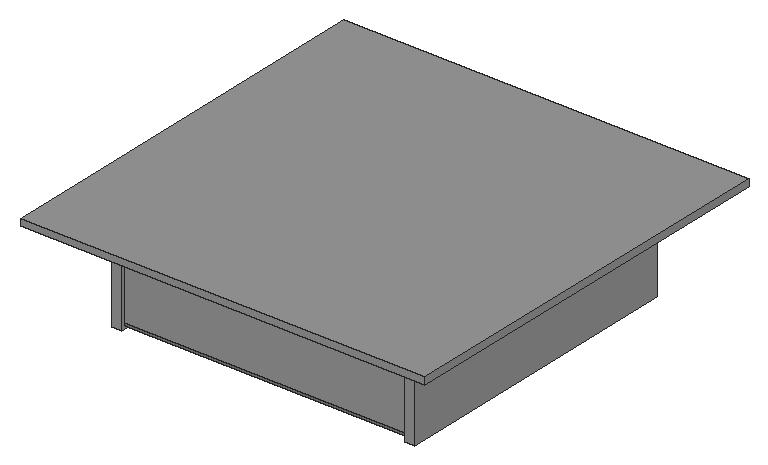
Revit family "Berica 2.0 M", category Lighting Fixtures, Revit 2020 (continued)
Definition of nested family "Light Source Berica 2.0"
  Types (4, lengths in mm): name | Photometric Web File | built-in parameter 1150142
      34.95 138.37 141.81 145.54 149.37 153.32 \r\n156.97 160.83 164.87 168.33 171.92 175.13 178.36 180.89 \r\n183.47 185.42 187.28 188.59 189.69 190.38 190.67 190.44 \r\n190.44 190.64 190.41 189.82 188.89 187.66 186.05 184.14 \r\n182.00 179.52 176.65 173.79 170.26 167.02 163.03 159.58 \r\n155.92 151.90 148.52 144.80 140.90 137.47 133.90 130.71 \r\n127.44 124.38 121.29 118.24 115.46 112.60 110.11 107.35 \r\n104.95 102.48 99.74 97.28 94.90 92.62 90.20 87.97 85.70 \r\n83.62 81.42 79.52 77.32 75.49 73.66 71.92 70.16 68.51 \r\n66.92 65.32 63.87 62.26 61.01 59.60 58.37 57.13 56.04 \r\n54.88 53.82 52.67 51.76 50.84 50.11 49.41 48.72 48.04 \r\n47.39 46.78 46.13 45.55 44.87 44.37 43.78 43.24 42.57 \r\n42.07 41.50 40.95 40.37 39.76 39.22 38.56 38.05 37.48 \r\n36.99 36.51 36.04 35.70 35.56 35.70 36.04 36.51 36.99 \r\n37.48 38.05 38.56 39.22 39.76 40.37 40.95 41.50 42.07 \r\n42.57 43.24 43.78 44.37 44.87 45.55 46.13 46.78 47.39 \r\n48.04 48.72 49.41 50.11 50.84 51.76 52.67 53.82 54.88 \r\n56.04 57.13 58.37 59.60 61.01 62.26 63.87 65.32 66.92 \r\n68.51 70.16 71.92 73.66 75.49 77.32 79.52 81.42 83.62 \r\n85.70 87.97 90.20 92.62 94.90 97.28 99.74 102.48 104.95 \r\n107.35 110.11 112.60 115.46 118.24 121.29 124.38 127.44 \r\n130.71 133.90 137.47 140.90 144.80 148.52 151.90 155.92 \r\n159.58 163.03 167.02 170.26 173.79 176.65 179.52 182.00 \r\n184.14 186.05 187.66 188.89 189.82 190.41 190.64 190.44 \r\n190.44 190.66 190.48 189.95 189.14 188.01 186.64 184.90 \r\n182.99 180.65 178.17 175.41 172.55 169.13 165.75 162.15 \r\n158.53 155.04 151.29 147.72 144.01 140.50 137.08 133.65 \r\n130.22 126.81 123.84 120.60 117.48 114.56 111.92 109.18 \r\n106.21 103.56 100.85 98.28 95.73 93.05 90.69 88.43 86.07 \r\n83.87 81.52 79.38 77.37 75.28 73.24 71.44 69.51 67.77 \r\n66.14 64.41 62.82 61.18 59.68 58.18 56.82 55.49 54.18 \r\n52.95 51.82 50.65 49.54 48.49 47.47 46.68 45.84 45.15 \r\n44.48 43.78 43.04 42.43 41.84 41.16 40.61 40.01 39.50 \r\n38.84 38.29 37.70 37.16 36.53 36.02 35.35 34.79 34.27 \r\n33.67 33.26 32.81 32.44 32.29 32.44 32.81 33.26 33.67 \r\n34.27 34.79 35.35 36.02 36.53 37.16 37.70 38.29 38.84 \r\n39.50 40.01 40.61 41.16 41.84 42.43 43.04 43.78 44.48 \r\n45.15 45.84 46.68 47.47 48.49 49.54 50.65 51.82 52.95 \r\n54.18 55.49 56.82 58.18 59.68 61.18 62.82 64.41 66.14 \r\n67.77 69.51 71.44 73.24 75.28 77.37 79.38 81.52 83.87 \r\n86.07 88.43 90.69 93.05 95.73 98.28 100.85 103.56 106.21 \r\n109.18 111.92 114.56 117.48 120.60 123.84 126.81 130.22 \r\n133.65 137.08 140.50 144.01 147.72 151.29 155.04 158.53 \r\n162.15 165.75 169.13 172.55 175.41 178.17 180.65 182.99 \r\n184.90 186.64 188.01 189.14 189.95 190.48 190.66 190.44 \r\n190.44 190.65 190.53 190.13 189.38 188.53 187.21 185.72 \r\n184.09 181.97 179.64 177.30 174.52 171.86 168.28 165.19 \r\n161.72 158.24 154.89 151.25 147.69 144.26 140.87 137.14 \r\n133.91 130.24 127.17 123.64 120.48 117.24 114.30 111.38 \r\n108.54 105.36 102.71 99.96 97.04 94.39 91.70 89.39 86.79 \r\n84.36 81.97 79.68 77.39 75.35 73.12 71.21 69.13 67.25 \r\n65.46 63.67 62.02 60.19 58.60 56.97 55.48 54.05 52.64 \r\n51.31 49.95 48.73 47.51 46.45 45.25 44.19 43.31 42.42 \r\n41.62 40.85 40.14 39.50 38.80 38.13 37.49 36.89 36.32 \r\n35.71 35.07 34.48 33.85 33.24 32.64 32.09 31.53 30.94 \r\n30.34 29.83 29.34 28.99 28.86 28.99 29.34 29.83 30.34 \r\n30.94 31.53 32.09 32.64 33.24 33.85 34.48 35.07 35.71 \r\n36.32 36.89 37.49 38.13 38.80 39.50 40.14 40.85 41.62 \r\n42.42 43.31 44.19 45.25 46.45 47.51 48.73 49.95 51.31 \r\n52.64 54.05 55.48 56.97 58.60 60.19 62.02 63.67 65.46 \r\n67.25 69.13 71.21 73.12 75.35 77.39 79.68 81.97 84.36 \r\n86.79 89.39 91.70 94.39 97.04 99.96 102.71 105.36 108.54 \r\n111.38 114.30 117.24 120.48 123.64 127.17 130.24 133.91 \r\n137.14 140.87 144.26 147.69 151.25 154.89 158.24 161.72 \r\n165.19 168.28 171.86 174.52 177.30 179.64 181.97 184.09 \r\n185.72 187.21 188.53 189.38 190.13 190.53 190.65 190.44 \r\n190.44 190.60 190.51 190.19 189.64 188.77 187.79 186.43 \r\n185.02 183.27 181.18 179.12 176.71 174.08 171.34 168.42 \r\n165.31 161.89 158.67 155.39 151.64 148.20 145.12 141.46 \r\n138.01 134.58 130.86 127.75 124.03 120.70 117.81 114.55 \r\n111.46 108.18 105.19 102.21 99.16 96.32 93.53 90.64 88.08 \r\n85.33 82.90 80.36 78.03 75.63 73.61 71.21 69.24 67.14 \r\n65.20 63.32 61.32 59.53 57.86 56.19 54.51 52.86 51.29 \r\n49.94 48.50 47.10 45.69 44.49 43.27 42.20 41.02 40.04 \r\n39.11 38.23 37.46 36.60 35.96 35.23 34.55 33.88 33.27 \r\n32.48 31.92 31.21 30.59 29.93 29.32 28.65 28.01 27.43 \r\n26.77 26.31 25.77 25.36 25.13 25.36 25.77 26.31 26.77 \r\n27.43 28.01 28.65 29.32 29.93 30.59 31.21 31.92 32.48 \r\n33.27 33.88 34.55 35.23 35.96 36.60 37.46 38.23 39.11 \r\n40.04 41.02 42.20 43.27 44.49 45.69 47.10 48.50 49.94 \r\n51.29 52.86 54.51 56.19 57.86 59.53 61.32 63.32 65.20 \r\n67.14 69.24 71.21 73.61 75.63 78.03 80.36 82.90 85.33 \r\n88.08 90.64 93.53 96.32 99.16 102.21 105.19 108.18 111.46 \r\n114.55 117.81 120.70 124.03 127.75 130.86 134.58 138.01 \r\n141.46 145.12 148.20 151.64 155.39 158.67 161.89 165.31 \r\n168.42 171.34 174.08 176.71 179.12 181.18 183.27 185.02 \r\n186.43 187.79 188.77 189.64 190.19 190.51 190.60 190.44 \r\n190.44 190.65 190.66 190.33 189.85 189.14 188.32 187.31 \r\n186.02 184.49 182.82 180.91 178.90 176.68 174.14 171.48 \r\n168.83 165.74 162.73 159.64 156.37 153.14 149.66 146.51 \r\n142.80 139.48 136.13 132.33 128.90 125.41 122.12 118.77 \r\n115.43 112.00 108.73 105.42 102.32 98.89 95.89 93.09 \r\n90.14 87.31 84.45 81.78 79.34 76.63 74.24 71.96 69.57 \r\n67.59 65.20 63.32 61.26 59.33 57.35 55.63 53.80 52.19 \r\n50.59 48.86 47.32 45.75 44.50 43.02 41.77 40.50 39.31 \r\n38.23 37.13 36.13 35.10 34.26 33.39 32.71 31.82 31.18 \r\n30.38 29.68 28.96 28.16 27.44 26.73 26.11 25.39 24.68 \r\n23.94 23.37 22.63 22.19 21.74 21.55 21.74 22.19 22.63 \r\n23.37 23.94 24.68 25.39 26.11 26.73 27.44 28.16 28.96 \r\n29.68 30.38 31.18 31.82 32.71 33.39 34.26 35.10 36.13 \r\n37.13 38.23 39.31 40.50 41.77 43.02 44.50 45.75 47.32 \r\n48.86 50.59 52.19 53.80 55.63 57.35 59.33 61.26 63.32 \r\n65.20 67.59 69.57 71.96 74.24 76.63 79.34 81.78 84.45 \r\n87.31 90.14 93.09 95.89 98.89 102.32 105.42 108.73 112.00 \r\n115.43 118.77 122.12 125.41 128.90 132.33 136.13 139.48 \r\n142.80 146.51 149.66 153.14 156.37 159.64 162.73 165.74 \r\n168.83 171.48 174.14 176.68 178.90 180.91 182.82 184.49 \r\n186.02 187.31 188.32 189.14 189.85 190.33 190.66 190.65 \r\n190.44 \r\n190.44 190.55 190.54 190.29 189.96 189.42 188.68 187.78 \r\n186.80 185.54 184.07 182.58 180.69 178.84 176.67 174.44 \r\n172.07 169.58 166.84 163.94 161.04 157.80 154.87 151.48 \r\n148.28 144.80 141.49 137.95 134.36 130.84 127.43 123.83 \r\n120.32 116.77 113.29 109.73 106.35 102.92 99.50 96.31 \r\n93.01 90.20 87.12 84.08 81.22 78.38 75.87 73.25 70.67 \r\n68.33 66.02 63.74 61.59 59.41 57.39 55.49 53.58 51.83 \r\n49.94 48.33 46.71 45.07 43.50 42.07 40.68 39.38 38.05 \r\n36.82 35.57 34.45 33.34 32.33 31.22 30.35 29.48 28.61 \r\n27.82 26.99 26.11 25.40 24.57 23.75 22.94 22.12 21.44 \r\n20.65 19.85 19.17 18.54 18.07 17.99 18.07 18.54 19.17 \r\n19.85 20.65 21.44 22.12 22.94 23.75 24.57 25.40 26.11 \r\n26.99 27.82 28.61 29.48 30.35 31.22 32.33 33.34 34.45 \r\n35.57 36.82 38.05 39.38 40.68 42.07 43.50 45.07 46.71 \r\n48.33 49.94 51.83 53.58 55.49 57.39 59.41 61.59 63.74 \r\n66.02 68.33 70.67 73.25 75.87 78.38 81.22 84.08 87.12 \r\n90.20 93.01 96.31 99.50 102.92 106.35 109.73 113.29 \r\n116.77 120.32 123.83 127.43 130.84 134.36 137.95 141.49 \r\n144.80 148.28 151.48 154.87 157.80 161.04 163.94 166.84 \r\n169.58 172.07 174.44 176.67 178.84 180.69 182.58 184.07 \r\n185.54 186.80 187.78 188.68 189.42 189.96 190.29 190.54 \r\n190.55 190.44 \r\n190.44 190.67 190.59 190.42 190.15 189.71 189.19 188.48 \r\n187.56 186.52 185.36 184.09 182.53 181.11 179.16 177.34 \r\n175.28 173.07 170.61 168.19 165.69 162.92 160.02 156.94 \r\n153.94 150.73 147.59 143.98 140.61 137.02 133.67 129.83 \r\n126.67 122.77 119.19 115.40 111.65 108.20 104.40 100.90 \r\n97.47 94.18 90.77 87.72 84.21 81.49 78.22 75.50 72.68 \r\n69.92 67.37 64.90 62.50 60.24 58.15 55.78 53.85 51.77 \r\n50.02 48.00 46.35 44.61 43.02 41.45 40.03 38.62 37.21 \r\n35.89 34.50 33.26 32.02 30.91 29.73 28.72 27.58 26.57 \r\n25.57 24.73 23.65 22.84 21.89 21.01 20.21 19.23 18.36 \r\n17.50 16.62 15.78 15.10 14.58 14.45 14.58 15.10 15.78 \r\n16.62 17.50 18.36 19.23 20.21 21.01 21.89 22.84 23.65 \r\n24.73 25.57 26.57 27.58 28.72 29.73 30.91 32.02 33.26 \r\n34.50 35.89 37.21 38.62 40.03 41.45 43.02 44.61 46.35 \r\n48.00 50.02 51.77 53.85 55.78 58.15 60.24 62.50 64.90 \r\n67.37 69.92 72.68 75.50 78.22 81.49 84.21 87.72 90.77 \r\n94.18 97.47 100.90 104.40 108.20 111.65 115.40 119.19 \r\n122.77 126.67 129.83 133.67 137.02 140.61 143.98 147.59 \r\n150.73 153.94 156.94 160.02 162.92 165.69 168.19 170.61 \r\n173.07 175.28 177.34 179.16 181.11 182.53 184.09 185.36 \r\n186.52 187.56 188.48 189.19 189.71 190.15 190.42 190.59 \r\n190.67 190.44 \r\n190.44 190.59 190.57 190.40 190.13 189.88 189.39 188.82 \r\n188.08 187.23 186.25 185.19 184.06 182.64 181.19 179.63 \r\n177.83 175.85 173.76 171.79 169.55 167.11 164.70 162.02 \r\n159.22 156.60 153.17 150.07 146.79 143.40 140.02 136.52 \r\n132.83 129.44 125.46 121.72 117.98 113.97 110.40 106.45 \r\n102.77 99.28 95.33 91.80 88.57 84.93 81.66 78.41 75.32 \r\n72.38 69.51 66.74 64.11 61.33 58.98 56.72 54.35 52.19 \r\n49.98 48.01 46.21 44.35 42.66 41.07 39.39 37.96 36.35 \r\n34.94 33.69 32.25 30.97 29.75 28.40 27.28 26.13 24.93 \r\n23.82 22.64 21.62 20.51 19.43 18.41 17.45 16.46 15.50 \r\n14.40 13.45 12.54 11.68 11.11 10.88 11.11 11.68 12.54 \r\n13.45 14.40 15.50 16.46 17.45 18.41 19.43 20.51 21.62 \r\n22.64 23.82 24.93 26.13 27.28 28.40 29.75 30.97 32.25 \r\n33.69 34.94 36.35 37.96 39.39 41.07 42.66 44.35 46.21 \r\n48.01 49.98 52.19 54.35 56.72 58.98 61.33 64.11 66.74 \r\n69.51 72.38 75.32 78.41 81.66 84.93 88.57 91.80 95.33 \r\n99.28 102.77 106.45 110.40 113.97 117.98 121.72 125.46 \r\n129.44 132.83 136.52 140.02 143.40 146.79 150.07 153.17 \r\n156.60 159.22 162.02 164.70 167.11 169.55 171.79 173.76 \r\n175.85 177.83 179.63 181.19 182.64 184.06 185.19 186.25 \r\n187.23 188.08 188.82 189.39 189.88 190.13 190.40 190.57 \r\n190.59 190.44 \r\n190.44 190.60 190.52 190.43 190.25 190.01 189.60 189.13 \r\n188.58 187.84 187.05 186.18 185.24 184.14 182.78 181.40 \r\n179.91 178.32 176.60 174.86 172.73 170.68 168.45 166.15 \r\n163.79 161.13 158.37 155.59 152.36 149.49 146.20 142.83 \r\n139.41 135.63 131.95 128.03 124.35 120.38 116.37 112.37 \r\n108.67 104.44 100.71 96.96 93.02 89.17 85.45 82.10 78.73 \r\n75.13 72.05 68.97 65.76 63.08 60.15 57.63 54.97 52.61 \r\n50.26 48.18 45.97 44.16 42.31 40.40 38.67 37.07 35.52 \r\n34.04 32.59 31.13 29.79 28.38 27.18 25.76 24.64 23.37 \r\n22.11 20.87 19.68 18.54 17.30 16.16 15.06 13.98 12.77 \r\n11.77 10.64 9.58 8.54 7.84 7.62 7.84 8.54 9.58 10.64 \r\n11.77 12.77 13.98 15.06 16.16 17.30 18.54 19.68 20.87 \r\n22.11 23.37 24.64 25.76 27.18 28.38 29.79 31.13 32.59 \r\n34.04 35.52 37.07 38.67 40.40 42.31 44.16 45.97 48.18 \r\n50.26 52.61 54.97 57.63 60.15 63.08 65.76 68.97 72.05 \r\n75.13 78.73 82.10 85.45 89.17 93.02 96.96 100.71 104.44 \r\n108.67 112.37 116.37 120.38 124.35 128.03 131.95 135.63 \r\n139.41 142.83 146.20 149.49 152.36 155.59 158.37 161.13 \r\n163.79 166.15 168.45 170.68 172.73 174.86 176.60 178.32 \r\n179.91 181.40 182.78 184.14 185.24 186.18 187.05 187.84 \r\n188.58 189.13 189.60 190.01 190.25 190.43 190.52 190.60 \r\n190.44 \r\n190.44 190.55 190.50 190.36 190.25 189.96 189.66 189.34 \r\n188.75 188.18 187.52 186.70 185.87 184.82 183.73 182.59 \r\n181.29 179.93 178.36 176.71 174.97 173.11 171.16 169.00 \r\n166.82 164.56 161.93 159.23 156.58 153.58 150.55 147.21 \r\n144.00 140.51 136.74 132.78 129.14 125.28 121.20 117.32 \r\n113.27 109.01 104.84 100.85 96.70 92.88 88.87 85.25 81.24 \r\n77.71 74.22 70.67 67.39 64.13 61.09 58.24 55.53 52.75 \r\n50.46 47.90 45.73 43.52 41.43 39.46 37.71 35.86 34.33 \r\n32.59 31.06 29.52 28.17 26.77 25.31 24.06 22.72 21.40 \r\n20.08 18.93 17.53 16.32 15.05 13.85 12.60 11.39 10.20 \r\n9.00 7.74 6.66 5.58 4.78 4.55 4.78 5.58 6.66 7.74 9.00 \r\n10.20 11.39 12.60 13.85 15.05 16.32 17.53 18.93 20.08 \r\n21.40 22.72 24.06 25.31 26.77 28.17 29.52 31.06 32.59 \r\n34.33 35.86 37.71 39.46 41.43 43.52 45.73 47.90 50.46 \r\n52.75 55.53 58.24 61.09 64.13 67.39 70.67 74.22 77.71 \r\n81.24 85.25 88.87 92.88 96.70 100.85 104.84 109.01 113.27 \r\n117.32 121.20 125.28 129.14 132.78 136.74 140.51 144.00 \r\n147.21 150.55 153.58 156.58 159.23 161.93 164.56 166.82 \r\n169.00 171.16 173.11 174.97 176.71 178.36 179.93 181.29 \r\n182.59 183.73 184.82 185.87 186.70 187.52 188.18 188.75 \r\n189.34 189.66 189.96 190.25 190.36 190.50 190.55 190.44 \r\n190.44 190.46 190.31 190.19 190.08 189.82 189.56 189.15 \r\n188.69 188.19 187.57 186.86 185.97 185.14 184.14 183.01 \r\n181.84 180.51 179.21 177.62 176.10 174.38 172.60 170.66 \r\n168.62 166.27 163.93 161.41 158.80 155.85 152.90 149.76 \r\n146.41 143.12 139.34 135.47 131.69 127.77 123.69 119.73 \r\n115.33 111.36 106.87 102.66 98.33 94.18 90.17 86.22 82.21 \r\n78.41 74.69 71.05 67.53 64.18 60.98 57.88 54.86 52.23 \r\n49.53 46.93 44.65 42.23 40.12 38.18 36.04 34.30 32.53 \r\n30.84 29.18 27.55 26.12 24.66 23.15 21.83 20.45 19.07 \r\n17.82 16.39 15.17 13.91 12.56 11.36 10.13 8.90 7.63 6.33 \r\n5.22 4.08 2.97 2.20 1.93 2.20 2.97 4.08 5.22 6.33 7.63 \r\n8.90 10.13 11.36 12.56 13.91 15.17 16.39 17.82 19.07 \r\n20.45 21.83 23.15 24.66 26.12 27.55 29.18 30.84 32.53 \r\n34.30 36.04 38.18 40.12 42.23 44.65 46.93 49.53 52.23 \r\n54.86 57.88 60.98 64.18 67.53 71.05 74.69 78.41 82.21 \r\n86.22 90.17 94.18 98.33 102.66 106.87 111.36 115.33 \r\n119.73 123.69 127.77 131.69 135.47 139.34 143.12 146.41 \r\n149.76 152.90 155.85 158.80 161.41 163.93 166.27 168.62 \r\n170.66 172.60 174.38 176.10 177.62 179.21 180.51 181.84 \r\n183.01 184.14 185.14 185.97 186.86 187.57 188.19 188.69 \r\n189.15 189.56 189.82 190.08 190.19 190.31 190.46 190.44 \r\n190.44 190.40 190.35 190.19 189.95 189.66 189.36 188.96 \r\n188.51 187.93 187.29 186.62 185.80 184.64 183.80 182.68 \r\n181.45 180.21 178.79 177.40 175.72 174.15 172.33 170.31 \r\n168.33 166.04 163.60 161.22 158.36 155.62 152.91 149.57 \r\n146.43 142.82 139.09 135.28 131.52 127.50 123.70 119.27 \r\n115.28 110.74 106.65 102.25 97.91 93.71 89.57 85.41 81.52 \r\n77.78 73.71 70.06 66.38 63.12 59.61 56.63 53.57 50.86 \r\n48.00 45.46 43.01 40.70 38.52 36.37 34.32 32.44 30.65 \r\n28.84 27.19 25.58 23.98 22.43 20.98 19.63 18.16 16.82 \r\n15.46 14.16 12.84 11.59 10.32 9.20 7.96 6.74 5.58 4.42 \r\n3.27 2.17 1.25 0.54 0.29 0.54 1.25 2.17 3.27 4.42 5.58 \r\n6.74 7.96 9.20 10.32 11.59 12.84 14.16 15.46 16.82 18.16 \r\n19.63 20.98 22.43 23.98 25.58 27.19 28.84 30.65 32.44 \r\n34.32 36.37 38.52 40.70 43.01 45.46 48.00 50.86 53.57 \r\n56.63 59.61 63.12 66.38 70.06 73.71 77.78 81.52 85.41 \r\n89.57 93.71 97.91 102.25 106.65 110.74 115.28 119.27 \r\n123.70 127.50 131.52 135.28 139.09 142.82 146.43 149.57 \r\n152.91 155.62 158.36 161.22 163.60 166.04 168.33 170.31 \r\n172.33 174.15 175.72 177.40 178.79 180.21 181.45 182.68 \r\n183.80 184.64 185.80 186.62 187.29 187.93 188.51 188.96 \r\n189.36 189.66 189.95 190.19 190.35 190.40 190.44 \r\n190.44 190.25 190.12 189.86 189.61 189.35 188.87 188.43 \r\n187.91 187.27 186.48 185.63 184.63 183.58 182.40 181.12 \r\n179.94 178.45 177.04 175.36 173.64 171.78 169.97 167.83 \r\n165.69 163.16 160.85 158.26 155.28 152.45 149.32 146.08 \r\n142.59 139.02 135.17 131.54 127.18 123.61 119.25 115.16 \r\n110.83 106.47 102.30 98.02 93.69 89.58 85.52 81.46 77.79 \r\n73.70 70.32 66.52 63.07 59.64 56.49 53.36 50.64 47.82 \r\n45.21 42.65 40.21 38.01 35.86 33.76 31.85 30.01 28.19 \r\n26.51 24.82 23.34 21.73 20.33 18.81 17.45 16.11 14.76 \r\n13.56 12.30 11.06 9.93 8.78 7.67 6.72 5.59 4.62 3.59 2.61 \r\n1.69 0.85 0.26 0.09 0.26 0.85 1.69 2.61 3.59 4.62 5.59 \r\n6.72 7.67 8.78 9.93 11.06 12.30 13.56 14.76 16.11 17.45 \r\n18.81 20.33 21.73 23.34 24.82 26.51 28.19 30.01 31.85 \r\n33.76 35.86 38.01 40.21 42.65 45.21 47.82 50.64 53.36 \r\n56.49 59.64 63.07 66.52 70.32 73.70 77.79 81.46 85.52 \r\n89.58 93.69 98.02 102.30 106.47 110.83 115.16 119.25 \r\n123.61 127.18 131.54 135.17 139.02 142.59 146.08 149.32 \r\n152.45 155.28 158.26 160.85 163.16 165.69 167.83 169.97 \r\n171.78 173.64 175.36 177.04 178.45 179.94 181.12 182.40 \r\n183.58 184.63 185.63 186.48 187.27 187.91 188.43 188.87 \r\n189.35 189.61 189.86 190.12 190.25 190.44 \r\n190.44 190.29 190.09 189.78 189.35 188.82 188.35 187.69 \r\n187.00 186.14 185.17 184.11 183.01 181.62 180.38 178.87 \r\n177.34 175.67 173.75 171.91 169.71 167.55 165.28 162.73 \r\n160.09 157.43 154.63 151.72 148.41 145.1
